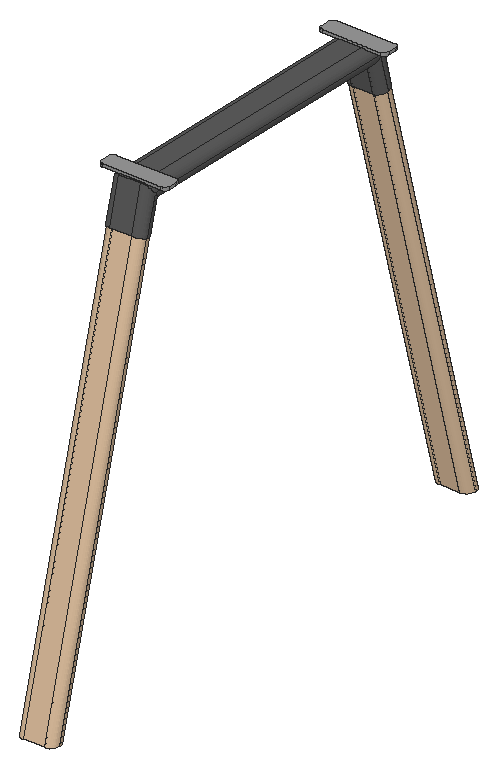
Revit family "FU_Table_Sandler_Plania_PL30155", category Furniture, Revit 2020
Family settings
  OmniClass Number = 23.40.20.00
  OmniClass Title = General Furniture and Specialties
  Work Plane-Based = No
  Always vertical = Yes
  Cut with Voids When Loaded = No
  Shared = No
  Room Calculation Point = No
Parameters (values of type "PL30155")
  Wood Finish = Wood - Oak - Natural - V
  Width = 145 mm
  URL = "https://www.sandlerseating.com/product/pl30155/"
  Model = "Plania PL30155"
  Manufacturer = "Sandler"
  Height = 981.5 mm
  Description = "Set of ML01 table legs for Plania tables with a height of 41″ for tables 48″ wide. Please note 2 sets of legs are required for each table / bench, assembly required"
  Depth = 1150.8 mm
  Default Elevation = 0 mm
Reference planes
  plane 1 "Center (Front/Back)": y = 0
  plane 2: z = 0
  plane 3 "Center (Left/Right)": x = 0
  plane 4 "Right": x = -72.5
  plane 5 "Left": x = 72.5
  plane 6 "Back": y = 575.4
  plane 7 "Front": y = -575.4
  plane 8 "Height": z = 981.5
  plane 9 "Seat height": z = 400
  plane 10 "Leg Right Edge": x = -40.5
  plane 11 "Leg Left Edge": x = 40.5
  plane 12 "Right Leg Angle RIGHT": through (4267.2, -557.016, 8.5) normal (0, -0.9659, 0.2588)
  plane 13 "Left Leg Angle LEFT": through (4267.2, 557.016, 8.5) normal (0, -0.9659, -0.2588)
  plane 14 "Top Leg Center RIGHT": z = 957.4
  plane 15 "Glide Height": z = 5.5
  plane 16 "Support Top": z = 975.5
  plane 17: y = -380.458
  plane 18: z = 880.108
  plane 19: y = 380.458
  plane 20 "Right Leg Angle RIGHT": through (4267.2, -479.116, 8.5) normal (0, -0.9659, 0.2588)
  plane 21: y = -302.558
  plane 22 "Left Leg Angle LEFT": through (4267.2, 479.116, 8.5) normal (0, -0.9659, -0.2588)
  plane 23: y = 302.558
Forms (mm)
  Sweep 1, solid, material "Wood - Oak - Natural - V" <- "Wood Finish"
    path origin (0, 0, 0) x (0, 1, 0) y (0, 0, 1)
      loop
        line (-559.293, 0) -> (-321.383, 887.892)
    profile "Pro Lozenge : W80xH35" origin (0, -440.338, 443.946) x (0, -0.965926, 0.258819) y (1, 0, 0)
      loop
        arc (-17.48, -22.6) -> (-12.381, -34.911) -> (-0.07, -40.01) r 17.41
        arc (-0.07, -40.01) -> (12.361, -34.638) -> (17.48, -22.1) r 17.913
        line (17.48, -22.1) -> (17.48, 22.6)
        arc (17.48, 22.6) -> (12.331, 34.96) -> (-0.07, 40.01) r 17.41
        arc (-0.07, 40.01) -> (-12.381, 34.911) -> (-17.48, 22.6) r 17.41
        line (-17.48, 22.6) -> (-17.48, -22.6)
  Sweep 2, solid, material "Wood - Oak - Natural - V" <- "Wood Finish"
    path origin (0, 0, 0) x (0, -1, 0) y (0, 0, 1)
      loop
        line (-559.293, 0) -> (-321.383, 887.892)
    profile "Pro Lozenge : W80xH35" origin (0, 440.338, 443.946) x (0, -0.965926, -0.258819) y (1, 0, 0)
      loop
        line (-17.48, 22.6) -> (-17.48, -22.6)
        arc (-17.48, -22.6) -> (-12.381, -34.911) -> (-0.07, -40.01) r 17.41
        arc (-0.07, -40.01) -> (12.331, -34.96) -> (17.48, -22.6) r 17.41
        line (17.48, -22.6) -> (17.48, 22.1)
        arc (17.48, 22.1) -> (12.361, 34.638) -> (-0.07, 40.01) r 17.913
        arc (-0.07, 40.01) -> (-12.381, 34.911) -> (-17.48, 22.6) r 17.41
  Sweep 3, solid, material "M1_B00 - Black"
    path in 3D
      loop
        line (0, -323.464, 880.126) -> (0, -302.74, 957.47) -> (0, 302.74, 957.47) -> (0, 323.474, 880.09)
    profile "Pro Lozenge : W84xH39" origin (0, 0, 957.47) x (0, 0, 1) y (1, 0, 0)
      loop
        arc (-19.48, -22.6) -> (-13.795, -36.325) -> (-0.07, -42.01) r 19.41
        arc (-0.07, -42.01) -> (13.646, -37.357) -> (19.48, -24.1) r 17.979
        line (19.48, -24.1) -> (19.48, 22.6)
        arc (19.48, 22.6) -> (13.746, 36.375) -> (-0.07, 42.01) r 19.41
        arc (-0.07, 42.01) -> (-13.795, 36.325) -> (-19.48, 22.6) r 19.41
        line (-19.48, 22.6) -> (-19.48, -22.6)
  Extrusion 4, solid, material "Rubber, Black"
    sketch origin (0, 79.76, 981.5) x (-1, 0, 0) y (0, -1, 0)
      loop
        line (62.5, 392.908) -> (-62.5, 392.908)
        arc (-62.5, 392.908) -> (-69.571, 389.979) -> (-72.5, 382.908) r 10
        line (-72.5, 382.908) -> (-72.5, 365.408)
        arc (-72.5, 365.408) -> (-69.571, 358.336) -> (-62.5, 355.408) r 10
        line (-62.5, 355.408) -> (62.5, 355.408)
        arc (62.5, 355.408) -> (69.571, 358.336) -> (72.5, 365.408) r 10
        line (72.5, 365.408) -> (72.5, 382.908)
        arc (72.5, 382.908) -> (69.571, 389.979) -> (62.5, 392.908) r 10
    from -6 to 0
  Extrusion 5, void
    sketch origin (0, 0, 0) x (0, 1, 0) y (0, 0, 1)
      loop
        line (-577.08, -9.5) -> (-532.858, -9.5) -> (-532.858, 5.5) -> (-577.08, 5.5) -> (-577.08, -9.5)
    from -72.5 to 72.5
  Extrusion 6, void
    sketch origin (0, 0, 0) x (0, -1, 0) y (0, 0, -1)
      loop
        line (-577.08, 9.5) -> (-577.08, -5.5) -> (-532.858, -5.5) -> (-532.858, 9.5) -> (-577.08, 9.5)
    from -72.5 to 72.5
  Extrusion 7, solid
    sketch origin (0, 0, 0) x (1, 0, 0) y (0, 1, 0)
      loop
        arc (-14.25, -553.068) -> (-20.25, -559.068) -> (-14.25, -565.068) r 6
        line (-14.25, -565.068) -> (14.25, -565.068)
        arc (14.25, -565.068) -> (20.25, -559.068) -> (14.25, -553.068) r 6
        line (14.25, -553.068) -> (-14.25, -553.068)
    from 0 to 5.5
  Extrusion 8, solid
    sketch origin (0, 0, 0) x (1, 0, 0) y (0, 1, 0)
      loop
        line (-14.25, 553.068) -> (14.25, 553.068)
        arc (14.25, 553.068) -> (20.25, 559.068) -> (14.25, 565.068) r 6
        line (14.25, 565.068) -> (-14.25, 565.068)
        arc (-14.25, 565.068) -> (-20.25, 559.068) -> (-14.25, 553.068) r 6
    from 0 to 5.5
  Extrusion 9, solid, material "Rubber, Black"
    sketch origin (0, -79.76, 981.5) x (-1, 0, 0) y (0, -1, 0)
      loop
        arc (62.5, -392.908) -> (69.571, -389.979) -> (72.5, -382.908) r 10
        line (72.5, -382.908) -> (72.5, -365.408)
        arc (72.5, -365.408) -> (69.571, -358.336) -> (62.5, -355.408) r 10
        line (62.5, -355.408) -> (-62.5, -355.408)
        arc (-62.5, -355.408) -> (-69.571, -358.336) -> (-72.5, -365.408) r 10
        line (-72.5, -365.408) -> (-72.5, -382.908)
        arc (-72.5, -382.908) -> (-69.571, -389.979) -> (-62.5, -392.908) r 10
        line (-62.5, -392.908) -> (62.5, -392.908)
    from -6 to 0
Cuts and joins
  Extrusion 5, Extrusion 6 cuts Sweep 1
  Extrusion 6 cuts Sweep 2
Lines and regions (mm)
  sketch lines
    curve 1: line (0, -302.74, 957.47) -> (0, 302.74, 957.47)
    curve 2: line (0, -323.464, 880.126) -> (0, -302.74, 957.47)
    curve 3: line (0, 302.74, 957.47) -> (0, 323.474, 880.09)
Dimensions and locks
  equal spacing: plane 4 "Right", plane 3 "Center (Left/Right)", plane 5 "Left"
  "Width": plane 4 "Right" to plane 5 "Left"
  equal spacing: plane 6 "Back", plane 1 "Center (Front/Back)", plane 7 "Front"
  "Depth": plane 6 "Back" to plane 7 "Front"
  "Height": plane 8 "Height" to level
  plane 9 "Seat height" to level = 400 mm
  locked: plane 7 "Front" to plane 17 at 194.942
  locked: plane 19 to plane 6 "Back" at 194.942
  plane 8 "Height" to plane 16 "Support Top" to plane 14 "Top Leg Center RIGHT" to plane 18 = 6 mm locked, 18.1 mm locked, 77.292 mm locked
  aligned and locked: level to plane 2
  aligned and locked: plane 15 "Glide Height" to Extrusion 7
Automatic sketch dimensions
  Sweep 1 sketch curve to level = 0 mm
  Sweep 1 sketch curve to plane 12 "Right Leg Angle RIGHT" = 0 mm
  plane 12 "Right Leg Angle RIGHT" to Sweep 1 sketch curve = 0 mm
  Sweep 1 sketch curve to plane 18 = 7.784 mm
  Sweep 2 sketch curve to level = 0 mm
  plane 13 "Left Leg Angle LEFT" to Sweep 2 sketch curve = 0 mm
  Sweep 2 sketch curve to plane 13 "Left Leg Angle LEFT" = 0 mm
  plane 18 to Sweep 2 sketch curve = 7.784 mm
  Extrusion 4 sketch curve to plane 5 "Left" = 0 mm
  Extrusion 4 sketch curve to plane 4 "Right" = 0 mm
  Extrusion 4 sketch curve to plane 5 "Left" = 10 mm  (x2)
  plane 4 "Right" to Extrusion 4 sketch curve = 10 mm  (x2)
  plane 17 to Extrusion 4 sketch curve = 67.31 mm
  Extrusion 4 sketch curve to Extrusion 4 sketch curve = 17.5 mm
  Extrusion 5 sketch curve to plane 15 "Glide Height" = 0 mm
  Extrusion 5 sketch curve to plane 7 "Front" = 1.68 mm
  plane 7 "Front" to Extrusion 5 sketch curve = 42.542 mm
  Extrusion 5 sketch curve to level = 9.5 mm
  Extrusion 6 sketch curve to plane 15 "Glide Height" = 0 mm
  Extrusion 6 sketch curve to plane 6 "Back" = 1.68 mm
  plane 6 "Back" to Extrusion 6 sketch curve = 42.542 mm
  level to Extrusion 6 sketch curve = 9.5 mm
  Extrusion 7 sketch curve to plane 3 "Center (Left/Right)" = 14.25 mm
  plane 3 "Center (Left/Right)" to Extrusion 7 sketch curve = 14.25 mm
  plane 7 "Front" to Extrusion 7 sketch curve = 10.332 mm
  Extrusion 7 sketch curve to Extrusion 7 sketch curve = 6 mm
  Extrusion 7 sketch curve to Extrusion 7 sketch curve = 0 mm
  plane 3 "Center (Left/Right)" to Extrusion 8 sketch curve = 14.25 mm
  Extrusion 8 sketch curve to plane 3 "Center (Left/Right)" = 14.25 mm
  plane 6 "Back" to Extrusion 8 sketch curve = 10.332 mm
  Extrusion 8 sketch curve to Extrusion 8 sketch curve = 6 mm
  Extrusion 8 sketch curve to Extrusion 8 sketch curve = 0 mm
  Extrusion 9 sketch curve to plane 5 "Left" = 0 mm
  Extrusion 9 sketch curve to plane 4 "Right" = 0 mm
  plane 5 "Left" to Extrusion 9 sketch curve = 10 mm  (x2)
  Extrusion 9 sketch curve to plane 4 "Right" = 10 mm  (x2)
  Extrusion 9 sketch curve to plane 19 = 67.31 mm
  Extrusion 9 sketch curve to Extrusion 9 sketch curve = 17.5 mm
